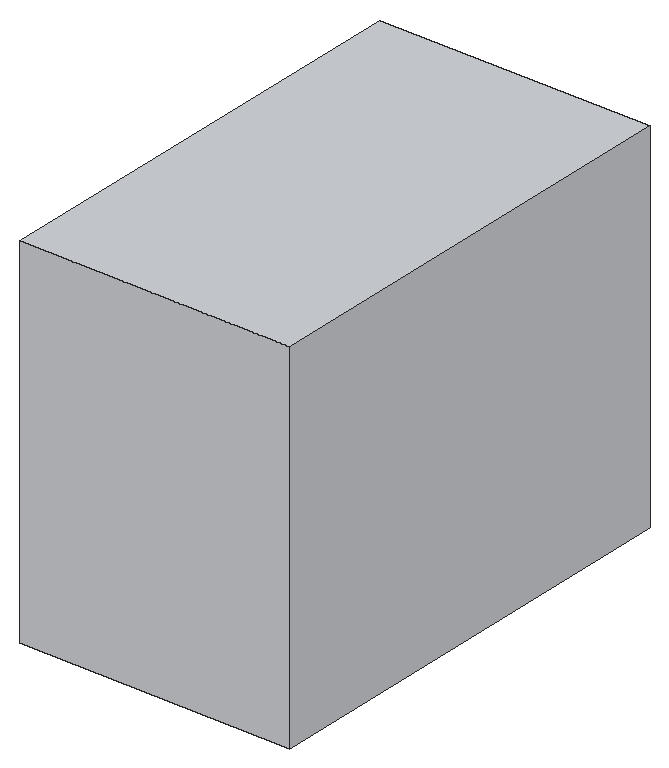
Revit family "XXX_RLT-Gerät_Multifunktionseinheit", category HLS-Bauteile, Revit 2014
Parameters (values of type "Allgemein")
  Breite = 500 mm
  Druckverlust [instance] = 0.00 in-wg
  Länge = 300 mm
  Höhe = 400 mm
  Widerstandsbeiwert [instance] = 0
Reference planes
  plane 1 "Mitte (Vorne/Hinten)": y = 0
  plane 2: z = 0
  plane 3 "Mitte (Links/Rechts)": x = 0
  plane 4: y = 250
  plane 5: y = -250
  plane 6: x = -150
  plane 7: x = 150
  plane 8: z = 200
  plane 9: z = -200
Forms (mm)
  Extrusion 1, solid, detail levels medium+fine
    sketch origin (-150, 397.271, 1219.2) x (0, 1, 0) y (0, 0, 1)
      loop
        line (-147.271, -1019.2) -> (-647.271, -1019.2) -> (-647.271, -1419.2) -> (-147.271, -1419.2) -> (-147.271, -1019.2)
    from 0 to 300
Lines and regions (mm)
  model lines, detail levels coarse
    curve 1: line (-150, 250, 0) -> (150, 250, 0)
    curve 2: line (-150, -250, 0) -> (-150, 250, 0)
    curve 3: line (150, -250, 0) -> (-150, -250, 0)
    curve 4: line (150, 250, 0) -> (150, -250, 0)
    curve 5: line (-150, 0, 200) -> (150, 0, 200)
    curve 6: line (-150, 0, -200) -> (-150, 0, 200)
    curve 7: line (150, 0, -200) -> (-150, 0, -200)
    curve 8: line (150, 0, 200) -> (150, 0, -200)
    curve 9: line (0, 250, 200) -> (0, -250, 200)
    curve 10: line (0, 250, -200) -> (0, 250, 200)
    curve 11: line (0, -250, -200) -> (0, 250, -200)
    curve 12: line (0, -250, 200) -> (0, -250, -200)
Dimensions and locks
  equal spacing: plane 6, plane 3 "Mitte (Links/Rechts)", plane 7
  "Länge": plane 6 to plane 7
  equal spacing: plane 5, plane 1 "Mitte (Vorne/Hinten)", plane 4
  equal spacing: plane 8, level, plane 9
  "Höhe": plane 8 to plane 9
  "Breite": plane 5 to plane 4
  aligned and locked: plane 2 to level
  aligned and locked: plane 7 to Extrusion 1
  aligned and locked: Extrusion 1 to plane 6
  aligned and locked: plane 8 to Extrusion 1
  aligned and locked: plane 9 to Extrusion 1
  aligned and locked: plane 5 to Extrusion 1
  aligned and locked: plane 4 to Extrusion 1
  aligned and locked: curve 1 to Extrusion 1
  aligned and locked: curve 2 to Extrusion 1
  aligned and locked: curve 3 to Extrusion 1
  aligned and locked: curve 4 to Extrusion 1
  aligned and locked: curve 5 to Extrusion 1
  aligned and locked: curve 6 to Extrusion 1
  aligned and locked: curve 7 to Extrusion 1
  aligned and locked: curve 8 to Extrusion 1
  aligned and locked: curve 9 to Extrusion 1
  aligned and locked: curve 11 to Extrusion 1
Automatic sketch dimensions
  Extrusion 1 sketch curve to plane 5 = 0 mm
  Extrusion 1 sketch curve to plane 4 = 0 mm
  plane 9 to Extrusion 1 sketch curve = 0 mm
  Extrusion 1 sketch curve to plane 8 = 0 mm
  curve 9 to plane 5 = 0 mm
  curve 11 to plane 4 = 0 mm
Connectors
  hvac at (-150, 0, 0), driven by "Widerstandsbeiwert", driven by "Höhe", driven by "Breite"
    settings: on Extrusion 1, index 1, duct flow 0 CFM, flow factor 0, pres drop 0.00 in-wg, loss coef 0, conn angle 0.00°, conn width 500 mm, conn height 400 mm, conn diameter 609.6 mm, duct sys type 29, conn prof type 1, flow config 0, flow direction 0, loss method 6, conn ref index 2, conn util no, is conn primary yes, conn desc ""
  hvac at (150, 0, 0), driven by "Widerstandsbeiwert", driven by "Breite", driven by "Höhe"
    settings: on Extrusion 1, index 2, duct flow 0 CFM, flow factor 0, pres drop 0.00 in-wg, loss coef 0, conn angle 0.00°, conn width 500 mm, conn height 400 mm, conn diameter 609.6 mm, duct sys type 29, conn prof type 1, flow config 0, flow direction 0, loss method 6, conn ref index 1, conn util no, is conn primary no, conn desc ""
